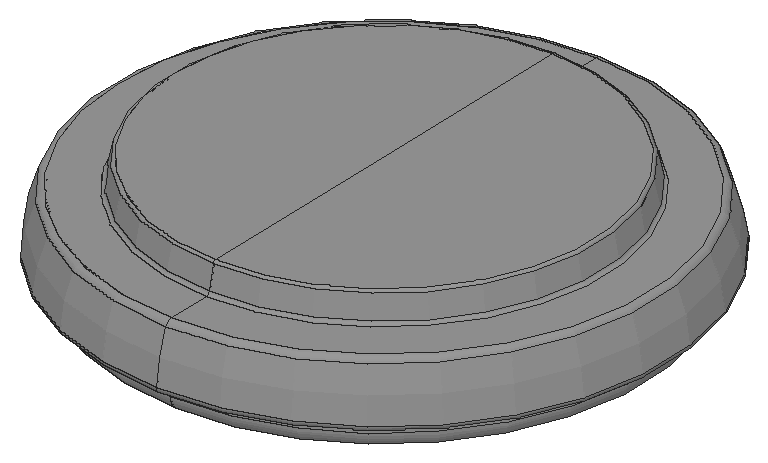
Revit family "FMK11_63_UN_Surface-mounted_ETK", category Lighting Fixtures, Revit 2017 (continued)
Definition of nested family "FMK.1 - Lightsource"
  Types (13, lengths in mm): name | Wattage Comments | Photometric Web File | built-in parameter 1150142 | Apparent Load
      5.4487\r\n276.7221\t257.9909\t237.4332\t217.2268\t197.2976\t177.8843\t157.7872\t138.6506\t119.9505\t100.9249\r\n82.987\t66.0677\t14.47\t0\t0\t0\r\n604.9325\t604.5584\t603.0879\t601.1508\t598.5185\t594.9186\t590.6391\t585.3751\t579.3165\t572.4837\r\n564.9469\t556.5987\t547.5194\t537.685\t527.3395\t516.7057\t504.9047\t492.1707\t478.1271\t463.8484\r\n448.9665\t433.7524\t417.9986\t401.8529\t385.1715\t368.3446\t351.4028\t333.147\t313.7228\t294.4856\r\n275.2731\t256.1445\t237.316\t216.8492\t196.4747\t176.5442\t157.2377\t137.5478\t118.9004\t100.3985\r\n82.3134\t65.4455\t55.1323\t0\t0\t0\r\n604.9325\t604.5433\t603.3225\t601.1064\t598.4354\t594.7731\t590.3173\t585.098\t579.0797\t572.1766\r\n564.6071\t556.1859\t547.081\t537.2398\t526.6482\t515.4957\t503.7296\t491.745\t478.4953\t464.4776\r\n448.9829\t433.6134\t417.6598\t401.2469\t384.1387\t366.9918\t349.3881\t331.6485\t313.6629\t294.2241\r\n274.5265\t254.9012\t235.3516\t216.0467\t196.5265\t175.8547\t156.0522\t137.0014\t117.7749\t99.6932\r\n81.7729\t64.8345\t49.3378\t0\t0\t0\r\n604.9325\t604.5271\t603.3032\t601.0701\t598.3654\t594.6491\t590.1215\t584.7542\t578.8145\t571.898\r\n564.2988\t555.7883\t546.6569\t536.7664\t526.1773\t514.9361\t502.9375\t490.4265\t477.2784\t464.0283\r\n449.3533\t434.0958\t417.8096\t401.016\t383.7266\t366.2957\t348.4007\t330.2839\t311.8195\t293.1788\r\n274.555\t254.527\t234.348\t214.5879\t194.928\t175.8985\t155.5638\t135.8975\t117.155\t98.5499\r\n81.2595\t64.2084\t48.8598\t7.0657\t0\t0\r\n604.9325\t604.5096\t603.2784\t601.0424\t598.3097\t594.5477\t589.9606\t584.5414\t578.4482\t571.608\r\n563.9594\t555.3996\t546.2593\t536.3041\t525.6497\t514.3962\t502.4141\t489.7664\t476.4029\t462.5786\r\n448.0398\t433.0915\t418.0577\t401.3922\t384.1366\t366.1992\t348.0979\t329.6668\t310.9131\t291.9004\r\n272.744\t253.4824\t234.1877\t214.0316\t193.775\t173.9598\t154.8443\t135.6589\t116.2289\t97.8298\r\n80.0295\t63.4921\t48.2305\t34.936\t0\t0\r\n604.9325\t604.4906\t603.2478\t601.2803\t598.2688\t594.4695\t589.8358\t584.3814\t578.2247\t571.2493\r\n563.5271\t555.0451\t545.8679\t535.8603\t525.1757\t513.8836\t501.871\t489.1433\t475.8417\t461.8368\r\n447.2679\t432.0274\t416.5009\t400.0073\t383.2616\t366.3726\t348.5214\t330.0774\t310.8253\t291.5128\r\n272.035\t252.2821\t232.6407\t212.8798\t193.2781\t173.4395\t153.4804\t134.3364\t116.0668\t97.2\r\n79.2416\t62.4646\t47.4631\t33.5133\t0\t0\r\n604.9325\t604.4703\t603.2116\t601.2411\t598.5166\t594.4157\t589.7477\t584.274\t578.0648\t571.0564\r\n563.2525\t554.6583\t545.4211\t535.3541\t524.7361\t513.4205\t501.3551\t488.6147\t475.2745\t461.193\r\n446.5744\t431.3412\t415.6511\t399.1668\t382.278\t364.8935\t347.109\t328.9881\t310.4447\t291.7072\r\n272.4757\t252.2606\t232.2751\t212.1161\t191.9979\t172.222\t152.6751\t133.6736\t114.4712\t96.2985\r\n79.2\t61.7213\t46.3352\t30.5861\t2.7832\t0\r\n604.9325\t604.4487\t603.1693\t601.1876\t598.4603\t594.6385\t589.9678\t584.5139\t577.9711\t570.9456\r\n563.0797\t554.4745\t545.1762\t535.0443\t524.3111\t512.96\t500.8221\t488.1002\t474.7163\t460.6519\r\n445.9947\t430.7439\t414.9606\t398.5261\t381.5143\t364.1378\t346.2393\t328.0457\t309.3298\t290.2564\r\n271.0121\t251.3312\t231.6882\t211.9743\t192.2844\t172.4111\t152.2798\t132.702\t113.7176\t95.3929\r\n77.7571\t61.1156\t45.5789\t26.7123\t15.0206\t0\r\n604.9325\t604.4257\t603.1214\t601.1197\t598.376\t594.5431\t589.8686\t584.4373\t578.1813\t571.1696\r\n563.2668\t554.6915\t545.3505\t535.1843\t524.1648\t512.8008\t500.5868\t487.89\t474.4515\t460.278\r\n445.5862\t430.3323\t414.5182\t397.9934\t380.8221\t363.4557\t345.5267\t327.2817\t308.5319\t289.4587\r\n270.127\t250.3982\t230.6065\t210.7975\t190.5506\t170.8379\t151.2851\t132.0397\t113.3713\t95.4283\r\n77.5355\t60.4175\t45.5245\t22.783\t11.8877\t0\r\n604.9325\t604.4014\t603.0678\t601.0376\t598.264\t594.4044\t589.7068\t584.2658\t577.9867\t570.9757\r\n563.0442\t554.4872\t545.1275\t534.9651\t524.2246\t512.882\t500.6187\t487.9897\t474.5344\t460.3474\r\n445.6646\t430.439\t414.623\t398.0399\t380.7488\t363.3986\t345.4701\t327.1757\t308.3973\t289.2412\r\n269.9199\t250.2091\t230.3921\t210.5042\t190.5692\t170.6931\t151.1594\t131.7673\t112.9299\t94.5881\r\n76.9076\t60.112\t45.0279\t27.0286\t9.6311\t7.6483\r\n604.9325\t604.3759\t603.0084\t600.9412\t598.124\t594.2226\t589.4823\t583.9989\t577.6703\t570.6249\r\n562.6312\t554.0383\t544.615\t534.4128\t523.3303\t511.8827\t499.6032\t486.8945\t473.379\t459.1716\r\n444.447\t429.1313\t413.2983\t396.6863\t379.4714\t362.0792\t344.0455\t325.7707\t306.8732\t287.9397\r\n268.4905\t248.7792\t228.9235\t208.976\t188.8762\t169.0915\t149.5412\t130.307\t111.7095\t93.7095\r\n75.8594\t58.8926\t44.026\t24.9142\t12.7626\t0\r\n604.9325\t604.3491\t602.9434\t600.8307\t597.9567\t593.9983\t589.1954\t583.6374\t576.9499\t569.8568\r\n561.8084\t553.1696\t543.7065\t533.5014\t522.6434\t511.1217\t498.8636\t486.1079\t472.5802\t458.4416\r\n443.7228\t428.3584\t412.519\t395.9142\t378.8014\t361.382\t343.2832\t325.0317\t306.0946\t287.1683\r\n267.7345\t248.067\t228.3349\t208.5719\t188.922\t168.9512\t148.8897\t129.3596\t110.4457\t92.1897\r\n74.6666\t58.1911\t43.6041\t25.4889\t14.7118\t0\r\n604.9325\t604.321\t602.8732\t600.7066\t597.7625\t593.4555\t588.5912\t582.9617\t576.5349\t569.4237\r\n561.3509\t552.699\t543.2196\t533.0344\t522.242\t510.6583\t498.432\t485.6232\t472.085\t457.8674\r\n443.1238\t427.7399\t411.9617\t395.2552\t378.1904\t360.685\t342.6792\t324.4805\t305.7442\t286.9867\r\n267.5493\t247.3236\t227.2422\t207.0117\t186.8984\t167.1289\t147.607\t128.6542\t109.6219\t91.5686\r\n74.5654\t57.4716\t43.021\t27.7846\t2.5248\t0\r\n604.9325\t604.2919\t602.7977\t600.5691\t597.2642\t593.1928\t588.2942\t582.6298\t576.1886\t569.0731\r\n561.0018\t552.4381\t542.9442\t532.7591\t521.8457\t510.2154\t497.9723\t485.1383\t471.6045\t457.3841\r\n442.6041\t427.217\t411.5012\t394.7803\t377.8035\t360.7021\t342.6902\t324.0667\t304.5578\t285.154\r\n265.5148\t245.6447\t225.9156\t206.0001\t186.3854\t166.628\t146.7681\t127.7474\t109.5852\t91.0031\r\n73.2615\t56.8556\t42.3856\t28.9154\t0\t0\r\n604.9325\t604.2617\t602.7174\t600.1575\t597.0585\t592.9572\t588.0346\t582.3501\t575.91\t568.8992\r\n560.8225\t552.1243\t542.5982\t532.4005\t521.4708\t509.8288\t497.5519\t484.7125\t471.1209\t456.9536\r\n442.2012\t427.0651\t411.7943\t394.8578\t377.2968\t359.0608\t340.7356\t322.097\t303.0689\t283.9286\r\n264.5951\t245.1465\t225.7535\t205.5061\t185.2214\t165.5278\t146.4993\t127.474\t108.2339\t90.109\r\n72.5842\t56.4938\t42.1707\t29.3631\t0\t0\r\n604.9325\t604.2306\t602.6322\t600.0115\t596.8707\t592.7484\t587.812\t582.1232\t575.7826\t568.6374\r\n560.5537\t551.8047\t542.2444\t532.0161\t521.1001\t509.4521\t497.1336\t484.3221\t470.9094\t457.2702\r\n442.3573\t426.8157\t410.175\t393.076\t375.4255\t357.6573\t339.5612\t321.1252\t302.4491\t283.5515\r\n264.6943\t244.5977\t224.3093\t204.516\t184.8175\t165.8131\t145.6325\t126.1903\t107.6436\t89.3056\r\n72.2152\t56.2192\t41.802\t5.8477\t0\t0\r\n604.9325\t604.1984\t602.5428\t599.8759\t596.7009\t592.5661\t587.6259\t582.0288\t575.5588\t568.3431\r\n560.3078\t551.4936\t541.918\t531.6799\t520.6784\t509.0807\t497.0071\t484.619\t471.0275\t456.5955\r\n440.7773\t424.9147\t408.6153\t391.9435\t374.3648\t356.8729\t339.0738\t320.888\t302.7006\t282.9652\r\n263.1976\t243.4392\t223.6803\t204.304\t184.8139\t164.2859\t144.6019\t125.6638\t106.7368\t88.9169\r\n71.7798\t55.8455\t41.2336\t0\t0\t0\r\n604.9325\t604.1654\t602.1984\t599.751\t596.5492\t592.4098\t587.5663\t581.8713\t575.3548\t568.0817\r\n560.0442\t551.1829\t541.6018\t531.3184\t520.4884\t509.3827\t497.2815\t484.0025\t469.5392\t454.8807\r\n439.5116\t423.7455\t407.6028\t391.162\t373.9279\t356.7322\t339.4153\t320.7873\t301.2671\t281.7589\r\n262.378\t243.017\t224.0712\t203.4907\t183.2079\t163.3375\t144.1874\t124.7147\t106.2756\t88.4044\r\n71.2995\t55.37\t44.7197\t0\t0\t0\r\n604.9325\t604.1317\t602.1129\t599.6372\t596.4157\t592.3859\t587.3951\t581.6922\t575.1349\t567.8233\r\n559.7735\t550.7814\t541.2689\t531.1872\t520.8219\t509.1315\t496.4226\t482.3474\t468.3274\t453.7764\r\n438.603\t423.039\t407.124\t390.762\t374.0304\t356.955\t338.1426\t319.2702\t300.2728\t281.2389\r\n262.2388\t243.2836\t222.6194\t202.306\t182.3924\t163.035\t143.1366\t124.1994\t105.8336\t87.7967\r\n70.7723\t54.7046\t11.5599\t0\t0\t0\r\n604.9325\t604.0975\t602.033\t599.5342\t596.3004\t592.2404\t587.2388\t581.5154\t574.9143\t567.569\r\n559.3901\t550.5552\t541.2123\t531.4748\t520.4156\t507.8107\t494.859\t481.3089\t467.3975\t452.9318\r\n438.0372\t422.7691\t407.025\t391.0991\t373.8573\t355.346\t337.0135\t318.5296\t299.8812\t281.2909\r\n262.3027\t241.7297\t221.4854\t201.617\t182.1371\t161.9674\t142.593\t123.9131\t105.1305\t87.2021\r\n70.1622\t53.9551\t0\t0\t0\t0\r\n604.9325\t604.0626\t601.9588\t599.4427\t596.3201\t592.1193\t587.0871\t581.3395\t574.6941\t567.3193\r\n559.1974\t550.477\t541.5473\t530.9977\t519.0905\t506.765\t493.8707\t480.5702\t466.7289\t452.4544\r\n437.8106\t422.7648\t407.3444\t389.987\t372.3299\t354.4291\t336.4151\t318.2804\t300.3326\t281.1384\r\n260.7211\t240.7052\t221.0093\t201.4727\t181.0539\t161.3248\t142.3279\t123.1598\t104.4957\t86.6464\r\n69.558\t57.7051\t0\t0\t0\t0\r\n604.9325\t604.0272\t601.8904\t599.3882\t596.237\t592.0006\t586.9406\t581.1632\t574.4747\t566.9997\r\n559.073\t550.8158\t541.1454\t529.7416\t518.149\t505.9054\t493.157\t480.018\t466.3384\t452.3643\r\n437.9112\t422.9979\t406.1187\t388.9214\t371.496\t353.9348\t336.2188\t318.724\t299.4663\t279.56\r\n259.8369\t240.2784\t220.9329\t200.4813\t180.3908\t160.9421\t141.6885\t122.4909\t103.9808\t86.1452\r\n68.9426\t35.5201\t0\t0\t0\t0\r\n604.9325\t603.9917\t601.8278\t599.3206\t596.1556\t591.8844\t586.7978\t580.9865\t574.1458\t566.8553\r\n559.4036\t550.5172\t539.9315\t528.8512\t517.367\t505.2617\t492.6816\t479.6991\t466.2194\t452.4751\r\n438.05\t421.6244\t405.0853\t388.1373\t371.032\t353.8353\t336.757\t317.784\t298.2127\t278.7079\r\n259.3309\t240.3321\t219.939\t199.6844\t179.9696\t160.7126\t140.9902\t121.943\t103.488\t85.6436\r\n68.3574\t0\t0\t0\t0\t0\r\n604.9325\t603.9559\t601.7714\t599.2628\t596.0752\t591.771\t586.6658\t580.8024\t573.989\t566.7804\r\n559.2504\t549.8741\t539.0878\t528.1304\t516.7365\t504.7959\t492.3897\t479.5813\t466.3433\t452.6497\r\n436.8272\t420.6891\t404.3399\t387.7338\t370.9749\t354.3891\t335.8421\t316.6009\t297.4159\t278.2527\r\n259.3978\t239.328\t219.0886\t199.1929\t179.808\t159.923\t140.4269\t121.457\t103.048\t85.1848\r\n73.7131\t0\t0\t0\t0\t0\r\n604.9325\t603.6792\t601.7517\t599.3411\t595.9954\t591.6566\t586.5673\t580.5284\t573.8931\t567.1365\r\n558.8682\t548.733\t538.4005\t527.5784\t516.2664\t504.4955\t492.3035\t479.6753\t466.706\t451.4882\r\n436.0948\t420.0364\t403.9109\t387.6235\t371.4864\t353.8754\t334.7111\t315.7739\t296.8941\t278.1566\r\n258.9491\t238.4036\t218.4493\t198.8345\t179.1952\t159.3202\t139.916\t121.0317\t102.6407\t84.7143\r\n55.9271\t0\t0\t0\t0\t0\r\n604.9325\t603.6444\t601.7066\t599.2965\t595.915\t591.5536\t586.4411\t580.3913\t573.8543\t566.9618\r\n558.2996\t548.0726\t537.8747\t527.1113\t515.9263\t504.3672\t492.3683\t480.1405\t465.7028\t450.6329\r\n435.3552\t419.8082\t403.764\t387.8078\t371.2229\t352.4897\t333.8151\t315.2532\t296.7183\t278.1081\r\n257.8104\t237.7622\t218.0438\t198.6801\t178.511\t158.7677\t139.4922\t120.6463\t102.238\t84.2517\r\n9.0057\t0\t0\t0\t0\t0\r\n604.9325\t603.6112\t601.6661\t599.2512\t595.8331\t591.4531\t586.3125\t580.2933\t574.2613\t566.6412\r\n557.2567\t547.549\t537.3916\t526.7388\t515.7334\t504.3886\t492.9019\t479.7342\t464.8479\t450.0077\r\n434.9476\t419.8855\t404.0538\t388.151\t369.9169\t351.5873\t333.3553\t314.9504\t296.9003\t276.9796\r\n257.0176\t237.3436\t217.8318\t197.9694\t177.9387\t158.3111\t139.083\t120.2864\t101.8575\t92.1859\r\n0\t0\t0\t0\t0\t0\r\n604.9325\t603.5799\t601.6303\t599.2045\t595.7076\t591.3592\t586.075\t580.2215\t574.1924\t566.1884\r\n556.6737\t547.074\t536.9561\t526.5217\t515.6669\t504.5312\t492.7859\t478.611\t464.16\t449.5853\r\n434.7567\t419.7662\t405.0918\t387.0371\t369.0209\t351.0423\t333.0336\t315.092\t295.9783\t276.1604\r\n256.4894\t237.0057\t217.711\t197.3492\t177.4313\t157.8872\t138.7311\t119.935\t101.4702\t81.0181\r\n0\t0\t0\t0\t0\t0\r\n604.9325\t603.5503\t601.5987\t599.1561\t595.626\t591.2727\t585.9368\t580.2006\t574.0102\t565.255\r\n556.1655\t546.6769\t536.6806\t526.4567\t515.7097\t505.0175\t491.8244\t477.8494\t463.7019\t449.2876\r\n434.7564\t420.4081\t404.4637\t386.432\t368.4467\t350.6538\t332.9546\t315.1229\t295.2701\t275.5419\r\n256.1209\t237.0123\t216.9386\t196.7955\t177.0266\t157.531\t138.3961\t119.5772\t101.0781\t55.7879\r\n0\t0\t0\t0\t0\t0\r\n604.9325\t603.5226\t601.5713\t599.1055\t595.5514\t591.1944\t585.8477\t580.6059\t573.7272\t564.7673\r\n555.7208\t546.3592\t536.5629\t526.4185\t515.8861\t504.7419\t491.1491\t477.3368\t463.4233\t449.1905\r\n434.8749\t420.3926\t403.0738\t385.7604\t368.1941\t350.5999\t333.2448\t314.0673\t294.5401\t275.2079\r\n255.9181\t236.731\t216.3242\t196.3167\t176.6088\t157.1902\t138.0919\t119.2663\t100.7128\t7.9096\r\n0\t0\t0\t0\t0\t0\r\n604.9325\t603.5024\t601.5477\t599.0027\t595.4844\t591.1564\t585.7889\t580.586\t573.3397\t564.3588\r\n555.3625\t546.1066\t536.4848\t526.4232\t516.46\t503.7313\t490.508\t476.9971\t463.1504\t449.3158\r\n435.4961\t419.3363\t402.3059\t385.1301\t368.0536\t350.6767\t333.0603\t313.3187\t294.0528\t274.8627\r\n256.0518\t236.014\t215.808\t195.9092\t176.2577\t156.8869\t137.7744\t118.924\t107.573\t0\r\n0\t0\t0\t0\t0\t0\r\n604.9325\t603.478\t601.5279\t598.9535\t595.4258\t591.0829\t585.7607\t580.4663\t572.4844\t563.9941\r\n555.0829\t545.9216\t536.4706\t526.6157\t516.2842\t503.1403\t489.9858\t476.7762\t463.1632\t449.3988\r\n435.4082\t418.4666\t401.6939\t384.809\t367.7873\t351.0202\t332.0189\t312.8252\t293.7031\t274.7409\r\n255.7909\t235.4313\t215.3913\t195.5619\t175.9593\t156.6095\t137.5086\t118.6259\t93.5654\t0\r\n0\t0\t0\t0\t0\t0\r\n604.9325\t603.4551\t601.5115\t598.9106\t595.3758\t590.8939\t585.7709\t580.2702\t572.0798\t563.6729\r\n554.8743\t545.7915\t536.5093\t527.239\t515.7758\t502.6755\t489.6308\t476.5517\t463.3214\t450.0742\r\n434.4062\t417.8556\t401.204\t384.5694\t367.8901\t350.6145\t331.3568\t312.4071\t293.4519\t274.8857\r\n255.1354\t234.9506\t214.9788\t195.2372\t175.7164\t156.3939\t137.2684\t118.3542\t70.2991\t0\r\n0\t0\t0\t0\t0\t0\r\n604.9325\t603.4339\t601.4981\t598.8743\t595.3693\t590.8219\t585.8012\t579.9783\t571.7294\t563.3978\r\n554.7414\t545.7491\t536.5989\t527.245\t514.8542\t502.254\t489.435\t476.4383\t463.4252\t450.1235\r\n433.6687\t417.3734\t400.9511\t384.4656\t368.2234\t349.7336\t330.8127\t312.0244\t293.3418\t274.7228\r\n254.5352\t234.5186\t214.663\t194.959\t175.4554\t156.1442\t137.0471\t118.1035\t19.0545\t0\r\n0\t0\t0\t0\t0\t0\r\n604.9325\t603.4142\t601.6163\t598.8454\t595.3189\t590.7169\t586.228\t579.6856\t571.4422\t563.1606\r\n554.6359\t545.7802\t536.7262\t527.004\t514.4202\t501.893\t489.3259\t476.5043\t463.9917\t449.6199\r\n433.2001\t416.9985\t400.7919\t384.5465\t367.964\t349.0736\t330.4515\t311.843\t293.2609\t274.3654\r\n254.0721\t234.1043\t214.3191\t194.7189\t175.2644\t155.9641\t136.8284\t127.44\t0.8256\t0\r\n0\t0\t0\t0\t0\t0\r\n604.9325\t603.3959\t601.5958\t598.824\t595.2654\t590.6658\t586.2393\t578.987\t571.1614\t562.9789\r\n554.5537\t545.8944\t537.3116\t526.1436\t514.0547\t501.6983\t489.2117\t476.6618\t464.074\t448.5062\r\n432.723\t416.8038\t400.7754\t385.0445\t367.1413\t348.6211\t330.0914\t311.6944\t293.5155\t273.6725\r\n253.6465\t233.79\t214.0612\t194.4807\t175.0633\t155.7882\t136.6493\t117.5353\t0\t0\r\n0\t0\t0\t0\t0\t0\r\n604.9325\t603.3793\t601.5872\t598.8105\t595.2101\t590.6325\t586.182\t578.7254\t570.875\t562.8655\r\n554.5217\t546.0169\t537.3617\t525.6545\t513.7252\t501.581\t489.2289\t476.8143\t463.9001\t448.0007\r\n432.3179\t416.6176\t400.8204\t385.0398\t366.6709\t348.2612\t329.9337\t311.6354\t293.3024\t273.2371\r\n253.3363\t233.5297\t213.8389\t194.3095\t174.9111\t155.6259\t136.4696\t101.5487\t0\t0\r\n0\t0\t0\t0\t0\t0\r\n604.9325\t603.3641\t601.5801\t598.8331\t595.1315\t590.6137\t586.0804\t578.487\t570.6665\t562.7608\r\n554.5332\t546.1336\t537.3181\t525.3185\t513.4082\t501.4893\t489.3584\t477.4559\t463.01\t447.6105\r\n432.0987\t416.5061\t400.931\t384.7262\t366.2377\t348.0214\t329.8202\t311.6817\t293.0359\t272.855\r\n252.9846\t233.2859\t213.6869\t194.1907\t174.796\t155.5142\t136.3398\t80.7347\t0\t0\r\n0\t0\t0\t0\t0\t0\r\n604.9325\t603.3502\t601.5746\t598.8264\t595.0882\t590.6008\t585.9286\t578.3051\t570.5246\t562.6362\r\n554.6075\t546.3098\t537.0792\t525.0613\t513.2531\t501.3561\t489.4926\t477.5967\t462.5345\t447.256\r\n431.9436\t416.5695\t401.424\t383.9417\t365.8692\t347.8299\t329.7853\t311.9692\t292.3903\t272.5405\r\n252.7811\t233.1154\t213.5333\t194.0453\t174.6839\t155.431\t150.2586\t29.2061\t0\t0\r\n0\t0\t0\t0\t0\t0\r\n604.9325\t603.3378\t601.5706\t598.8203\t595.055\t590.6078\t585.7655\t578.1122\t570.4127\t562.5739\r\n554.6736\t546.923\t536.3276\t524.8226\t513.1645\t501.4036\t489.5432\t477.5045\t462.1937\t447.0308\r\n431.8282\t416.622\t401.4545\t383.5728\t365.6095\t347.6741\t329.7802\t311.9534\t292.0872\t272.2819\r\n252.5716\t232.9639\t213.4378\t193.9889\t174.6452\t155.374\t147.8321\t12.1507\t0\t0\r\n0\t0\t0\t0\t0\t0\r\n604.9325\t603.3266\t601.5681\t598.8152\t594.9133\t590.6359\t585.5832\t577.9208\t570.3524\t562.5734\r\n554.7119\t547.0357\t536.0482\t524.6097\t513.0999\t501.5025\t489.8006\t477.1124\t461.8898\t446.8692\r\n431.8333\t416.768\t401.2684\t383.2146\t365.4085\t347.6008\t329.8404\t311.7539\t291.7771\t272.086\r\n252.4588\t232.8794\t213.3666\t193.9448\t174.6141\t155.3429\t141.4974\t0\t0\t0\r\n0\t0\t0\t0\t0\t0\r\n604.9325\t603.3169\t601.5671\t598.8117\t594.8818\t591.1273\t585.3598\t577.7232\t570.2807\t562.5989\r\n554.8126\t547.0015\t535.83\t524.465\t513.0578\t501.589\t490.423\t476.4322\t461.5541\t446.7712\r\n431.8675\t416.9077\t401.0268\t382.9673\t365.2569\t347.5825\t330.1779\t311.2051\t291.528\t271.9059\r\n252.3343\t232.8122\t213.3482\t193.9567\t174.6259\t155.3412\t132.138\t0\t0\t0\r\n0\t0\t0\t0\t0\t0\r\n604.9325\t603.3083\t601.5674\t598.8104\t594.8673\t591.1701\t585.2094\t577.5682\t570.1843\t562.6627\r\n554.9593\t546.9296\t535.6142\t524.3936\t513.0698\t501.7034\t490.4952\t476.125\t461.4413\t446.6766\r\n431.941\t417.4522\t400.3522\t382.7423\t365.1753\t347.6066\t330.2627\t310.9633\t291.3402\t271.7576\r\n252.2371\t232.7679\t213.3529\t193.98
      05\t174.655\t155.392\t120.5846\t0\t0\t0\r\n0\t0\t0\t0\t0\t0\r\n604.9325\t603.301\t601.5729\t598.8117\t594.8652\t591.1802\t584.7817\t577.4234\t570.115\t562.6941\r\n555.1334\t546.8455\t535.414\t524.311\t513.1192\t501.8585\t490.4872\t475.8803\t461.3033\t446.6903\r\n432.0433\t417.4984\t400.1431\t382.6494\t365.1539\t347.6827\t330.3082\t310.7545\t291.1843\t271.6838\r\n252.2118\t232.7765\t213.3615\t194.0134\t174.7039\t155.4623\t107.4685\t0\t0\t0\r\n0\t0\t0\t0\t0\t0\r\n604.9325\t603.295\t601.5758\t598.815\t594.8775\t591.0866\t584.6864\t577.3564\t570.0567\t562.6969\r\n555.2743\t546.7564\t535.2798\t524.2414\t513.1816\t502.0442\t490.4343\t475.6998\t461.2244\t446.7248\r\n432.2027\t417.4698\t399.9233\t382.5455\t365.1657\t347.7926\t330.2732\t310.6261\t291.1251\t271.6527\r\n252.2115\t232.7878\t213.4222\t194.097\t174.8049\t155.5703\t93.4481\t0\t0\t0\r\n0\t0\t0\t0\t0\t0\r\n604.9325\t603.2899\t601.5794\t598.8194\t594.9418\t591.0742\t584.5693\t577.3871\t570.0555\t562.7489\r\n555.8198\t546.1678\t535.2586\t524.2031\t513.1736\t502.2212\t490.3579\t475.5739\t461.1807\t446.7922\r\n432.3827\t417.4173\t399.8059\t382.4972\t365.1975\t347.9267\t330.2362\t310.5297\t291.061\t271.6314\r\n252.2371\t232.8693\t213.5311\t194.2179\t174.9328\t171.7185\t45.2984\t0\t0\t0\r\n0\t0\t0\t0\t0\t0\r\n604.9325\t603.2861\t601.584\t598.8252\t594.9753\t591.0943\t584.3698\t577.3456\t570.1357\t562.8374\r\n555.948\t545.9919\t535.157\t524.3236\t513.3771\t502.7104\t490.0954\t475.5009\t461.2002\t446.861\r\n432.5413\t417.3169\t399.7448\t382.5143\t365.2808\t348.0578\t330.1391\t310.4433\t291.0463\t271.6788\r\n252.3192\t232.9808\t213.6587\t194.3487\t175.0684\t171.0217\t33.648\t0\t0\t0\r\n0\t0\t0\t0\t0\t0\r\n604.9325\t603.2625\t601.5896\t598.827\t595.0037\t591.2214\t584.3024\t577.2119\t570.1593\t562.9763\r\n556.0681\t545.9132\t535.0971\t524.2744\t513.5068\t503.075\t489.7052\t475.3925\t461.1855\t446.9933\r\n433.1038\t416.8265\t399.6833\t382.546\t365.4094\t348.5442\t329.827\t310.4438\t291.082\t271.7317\r\n252.4056\t233.1016\t213.7987\t194.5299\t175.2683\t169.3777\t24.3324\t0\t0\t0\r\n0\t0\t0\t0\t0\t0\r\n604.9325\t603.2615\t601.596\t598.8352\t595.0251\t591.2699\t584.3706\t577.1939\t570.0969\t563.0553\r\n556.1891\t545.8881\t535.1035\t524.3192\t513.5269\t503.0774\t489.5826\t475.518\t461.3551\t447.1746\r\n433.3333\t416.8315\t399.7183\t382.6093\t365.5275\t348.6962\t329.8198\t310.5032\t291.1764\t271.8584\r\n252.5502\t233.251\t213.9726\t194.7088\t175.459\t167.1137\t16.9707\t0\t0\t0\r\n0\t0\t0\t0\t0\t0\r\n604.9325\t603.2622\t601.6031\t598.8456\t595.0171\t591.2942\t584.3901\t577.314\t570.1518\t563.0717\r\n556.2009\t545.8527\t535.1549\t524.4332\t513.666\t503.1656\t489.5138\t475.4802\t461.4303\t447.3598\r\n433.5291\t416.847\t399.79\t382.7498\t365.7146\t348.8482\t329.8385\t310.5403\t291.2523\t271.9627\r\n252.7004\t233.4355\t214.176\t194.9373\t175.6974\t164.6684\t11.2593\t0\t0\t0\r\n0\t0\t0\t0\t0\t0\r\n604.9325\t603.2646\t601.6112\t598.8588\t595.0338\t591.2612\t584.3879\t577.3718\t570.3272\t563.2615\r\n556.2852\t545.793\t535.1346\t524.4705\t513.8326\t503.3305\t489.5538\t475.5472\t461.5574\t447.5699\r\n433.7714\t416.9852\t399.9416\t382.9159\t365.8972\t349.0221\t329.9274\t310.6684\t291.4172\t272.1539\r\n252.9058\t233.6517\t214.4029\t195.1719\t175.9351\t162.3065\t6.9335\t0\t0\t0\r\n0\t0\t0\t0\t0\t0\r\n604.9325\t603.2688\t601.6042\t598.8743\t595.0554\t591.2658\t584.3391\t577.3615\t570.4032\t563.3975\r\n556.467\t545.8941\t535.2238\t524.5394\t513.8971\t503.3683\t489.5458\t475.6066\t461.6554\t447.69\r\n433.8362\t416.9968\t400.0429\t383.0747\t366.1055\t349.2307\t330.0787\t310.8325\t291.5897\t272.3493\r\n253.125\t233.8923\t214.6626\t195.4409\t176.2297\t160.3062\t3.7832\t0\t0\t0\r\n0\t0\t0\t0\t0\t0\r\n604.9325\t603.2748\t601.6166\t598.8882\t595.0815\t591.2814\t584.3409\t577.3783\t570.4122\t563.4421\r\n556.5094\t545.9312\t535.3131\t524.6743\t514.0286\t503.4308\t489.5819\t475.67\t461.7554\t447.8511\r\n433.9937\t417.1143\t400.1816\t383.2592\t366.3259\t349.4303\t330.2479\t311.0259\t291.8055\t272.5971\r\n253.3801\t234.165\t214.9533\t195.7439\t176.5349\t158.8426\t1.6454\t0\t0\t0\r\n0\t0\t0\t0\t0\t0\r\n604.9325\t603.2825\t601.6324\t598.9104\t595.1185\t591.3218\t584.3739\t577.421\t570.4627\t563.5141\r\n556.5711\t545.9833\t535.3841\t524.7961\t514.1941\t503.6029\t489.7421\t475.8564\t461.9698\t448.0952\r\n434.2193\t417.3134\t400.3992\t383.4817\t366.5691\t349.6572\t330.4638\t311.261\t292.0591\t272.8589\r\n253.658\t234.4578\t215.2712\t196.0725\t176.8744\t158.063\t0.4063\t0\t0\t0\r\n0\t0\t0\t0\t0\t0" | 18 VA
